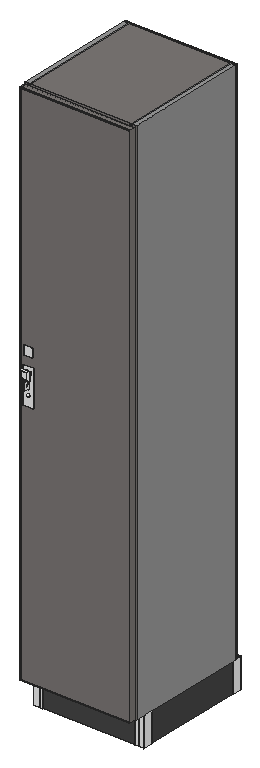
Revit family "Wood_Lockers_Hasps-Salsbury_Industries-15_41000_Series-1_Wide_Units", category Specialty Equipment, Revit 2026 (continued)
Definition of nested family "Premier Locker Doors_Hasp"
  Forms (in)
    Extrusion 1, solid, detail levels fine
      sketch origin (0, 0, 0) x (1, 0, 0) y (0, 0, 1)
        loop
          line (-7.4065, 0.031) -> (7.4065, 0.031) -> (7.4065, 71.719) -> (-7.4065, 71.719) -> (-7.4065, 0.031)
      from -0.344 to 0.344
    Extrusion 2, solid, material <- "Laminate Surface", detail levels fine
      sketch origin (0, 0.375, 0) x (1, 0, 0) y (0, 0, 1)
        loop
          line (-7.4065, 0.031) -> (7.4065, 0.031) -> (7.4065, 71.719) -> (-7.4065, 71.719) -> (-7.4065, 0.031)
      from 0.031 to 0
    Extrusion 3, solid, material <- "Laminate Surface"
      sketch origin (0, -0.375, 0) x (1, 0, 0) y (0, 0, 1)
        loop
          line (-7.4065, 0.031) -> (7.4065, 0.031) -> (7.4065, 71.719) -> (-7.4065, 71.719) -> (-7.4065, 0.031)
      from 0 to -0.031
    Sweep 4, solid, material <- "Door Trim"
      path origin (0, 0, 0) x (1, 0, 0) y (0, 0, 1)
        loop
          line (7.3125, 71.625) -> (-7.3125, 71.625) -> (-7.3125, 0.125) -> (7.3125, 0.125) -> (7.3125, 71.625)
      profile origin (0, 0, 71.625) x (0, 0, -1) y (0, -1, 0)
        loop
          line (-0.125, 0.375) -> (-0.125, -0.375) -> (-0.094, -0.375) -> (-0.094, 0.375) -> (-0.125, 0.375)
    Extrusion 5, void
      sketch origin (-1.875, -0.313, 0) x (1, 0, 0) y (0, 0, 1)
        loop
          arc (-4.91334, 40.75) -> (-5.01881, 40.70631) -> (-5.0625, 40.60084) r 0.14916
          line (-5.0625, 40.60084) -> (-5.0625, 39.64916)
          arc (-5.0625, 39.64916) -> (-5.01881, 39.54369) -> (-4.91334, 39.5) r 0.14916
          line (-4.91334, 39.5) -> (-3.96166, 39.5)
          arc (-3.96166, 39.5) -> (-3.85619, 39.54369) -> (-3.8125, 39.64916) r 0.14916
          line (-3.8125, 39.64916) -> (-3.8125, 40.60084)
          arc (-3.8125, 40.60084) -> (-3.85619, 40.70631) -> (-3.96166, 40.75) r 0.14916
          line (-3.96166, 40.75) -> (-4.91334, 40.75)
      from 0 to 0.062
    Extrusion 6, solid, visible <- "Visible Number Plates", detail levels medium+fine
      sketch origin (-1.875, -0.375, 0) x (1, 0, 0) y (0, 0, 1)
        loop
          arc (-4.91334, 40.75) -> (-5.01881, 40.70631) -> (-5.0625, 40.60084) r 0.14916
          line (-5.0625, 40.60084) -> (-5.0625, 39.64916)
          arc (-5.0625, 39.64916) -> (-5.01881, 39.54369) -> (-4.91334, 39.5) r 0.14916
          line (-4.91334, 39.5) -> (-3.96166, 39.5)
          arc (-3.96166, 39.5) -> (-3.85619, 39.54369) -> (-3.8125, 39.64916) r 0.14916
          line (-3.8125, 39.64916) -> (-3.8125, 40.60084)
          arc (-3.8125, 40.60084) -> (-3.85619, 40.70631) -> (-3.96166, 40.75) r 0.14916
          line (-3.96166, 40.75) -> (-4.91334, 40.75)
      from -0.062 to 0
    Extrusion 7, solid, detail levels medium+fine
      sketch origin (0, 0.375, 0) x (1, 0, 0) y (0, 0, 1)
        loop
          circle (-6.9875, 71.3) r 0.25
      from 0 to -0.25
    Extrusion 8, solid, detail levels medium+fine
      sketch origin (0, 0.375, 0) x (1, 0, 0) y (0, 0, 1)
        loop
          line (6.8125, 68.5) -> (6.8125, 69) -> (6.3125, 69) -> (6.3125, 68.5) -> (6.8125, 68.5)
      from 0 to -0.25
    Extrusion 9, solid, detail levels medium+fine
      sketch origin (0, 0.375, -0.25) x (1, 0, 0) y (0, 0, 1)
        loop
          line (6.8125, 3) -> (6.8125, 3.5) -> (6.3125, 3.5) -> (6.3125, 3) -> (6.8125, 3)
      from 0 to -0.25
    Extrusion 10, solid, visible <- "Visible Center Hinge", detail levels medium+fine
      sketch origin (0, 0.375, -0.25) x (1, 0, 0) y (0, 0, 1)
        loop
          line (6.8125, 35.875) -> (6.8125, 36.375) -> (6.3125, 36.375) -> (6.3125, 35.875) -> (6.8125, 35.875)
      from 0 to -0.25
    Extrusion 11, void
      sketch origin (-1.875, -0.375, 0) x (1, 0, 0) y (0, 0, 1)
        loop
          arc (-5.0625, 38.3125) -> (-5.15089, 38.27589) -> (-5.1875, 38.1875) r 0.125
          line (-5.1875, 38.1875) -> (-5.1875, 33.5625)
          arc (-5.1875, 33.5625) -> (-5.15089, 33.47411) -> (-5.0625, 33.4375) r 0.125
          line (-5.0625, 33.4375) -> (-3.8125, 33.4375)
          arc (-3.8125, 33.4375) -> (-3.72411, 33.47411) -> (-3.6875, 33.5625) r 0.125
          line (-3.6875, 33.5625) -> (-3.6875, 38.1875)
          arc (-3.6875, 38.1875) -> (-3.72411, 38.27589) -> (-3.8125, 38.3125) r 0.125
          line (-3.8125, 38.3125) -> (-5.0625, 38.3125)
      from -0.062 to 0
    Extrusion 12, solid
      sketch origin (-1.875, -0.375, 0) x (1, 0, 0) y (0, 0, 1)
        loop
          line (-3.8125, 38.3125) -> (-5.0625, 38.3125)
          arc (-5.0625, 38.3125) -> (-5.15089, 38.27589) -> (-5.1875, 38.1875) r 0.125
          line (-5.1875, 38.1875) -> (-5.1875, 33.5625)
          arc (-5.1875, 33.5625) -> (-5.15089, 33.47411) -> (-5.0625, 33.4375) r 0.125
          line (-5.0625, 33.4375) -> (-3.8125, 33.4375)
          arc (-3.8125, 33.4375) -> (-3.72411, 33.47411) -> (-3.6875, 33.5625) r 0.125
          line (-3.6875, 33.5625) -> (-3.6875, 38.1875)
          arc (-3.6875, 38.1875) -> (-3.72411, 38.27589) -> (-3.8125, 38.3125) r 0.125
      from 0 to -0.062
    Extrusion 13, void
      sketch origin (-1.875, -0.375, 0) x (1, 0, 0) y (0, 0, 1)
        loop
          line (-4.6255, 36.6245) -> (-4.6255, 35.74816)
          arc (-4.6255, 35.74816) -> (-4.4375, 35.56016) -> (-4.2495, 35.74816) r 0.188
          line (-4.2495, 35.74816) -> (-4.2495, 36.6245)
          arc (-4.2495, 36.6245) -> (-4.4375, 36.8125) -> (-4.6255, 36.6245) r 0.188
      from 0 to -0.75
    Sweep 14, solid, detail levels medium+fine
      path origin (-1.875, -0.375, 0) x (1, 0, 0) y (0, 0, 1)
        loop
          circle (-4.4375, 34.8125) r 0.01
      profile origin (-6.3125, -0.375, 34.8225) x (0, 0, -1) y (0, -1, 0)
        loop
          line (0, 0) -> (0, 0.125)
          arc (0, 0.125) -> (-0.10032, 0.09036) -> (-0.156, 0) r 0.15776
          line (-0.156, 0) -> (0, 0)
    Extrusion 15, solid, detail levels medium+fine
      sketch origin (-1.875, -0.375, 0) x (1, 0, 0) y (0, 0, 1)
        loop
          circle (-4.4375, 34.8125) r 0.01
      from 0 to 0.125
    Sweep 16, solid
      path origin (-1.875, -0.375, 0) x (1, 0, 0) y (0, 0, 1)
        loop
          line (-5.0625, 38.1875) -> (-5.0625, 36.9375) -> (-3.8125, 36.9375) -> (-3.8125, 38.1875) -> (-5.0625, 38.1875)
      profile origin (-6.3125, -0.375, 38.1875) x (0, 0, 1) y (0, -1, 0)
        loop
          line (-0.38067, 0) -> (-0.38067, 0.24142)
          arc (-0.38067, 0.24142) -> (-0.34525, 0.34191) -> (-0.25465, 0.39797) r 0.16024
          arc (-0.25465, 0.39797) -> (-0.10494, 0.46941) -> (0, 0.59789) r 0.37946
          spline (0, 0.59789) -> (-0.00179, 0.61485) -> (-0.00715, 0.6316) -> (-0.01601, 0.64793) -> (-0.02825, 0.66364) -> (-0.04373, 0.67852) -> (-0.06225, 0.6924) -> (-0.08358, 0.7051) -> (-0.10745, 0.71647) -> (-0.13357, 0.72635) -> (-0.16161, 0.73463) -> (-0.19123, 0.74121) -> (-0.22204, 0.746)
          arc (-0.22204, 0.746) -> (-0.31051, 0.60028) -> (-0.42829, 0.47704) r 0.78682
          arc (-0.42829, 0.47704) -> (-0.50625, 0.37521) -> (-0.53396, 0.25) r 0.29673
          line (-0.53396, 0.25) -> (-0.53396, 0) -> (-0.38067, 0)
    Blend 17, solid
      base sketch origin (-1.875, -1.125, 0) x (0, 0, -1) y (-1, 0, 0)
        loop
          line (-37.96546, 4.84046) -> (-37.96546, 4.03454) -> (-37.15954, 4.03454) -> (-37.15954, 4.84046) -> (-37.96546, 4.84046)
      top sketch origin (-1.875, -1.125, 0) x (0, 0, -1) y (-1, 0, 0)
        loop
          line (-37.93279, 4.80777) -> (-37.93279, 4.06715) -> (-37.19211, 4.06715) -> (-37.19211, 4.80777) -> (-37.93279, 4.80777)
      from 0 to 0.031
    Extrusion 18, solid
      sketch origin (-6.3125, 0, 0) x (0, 0, -1) y (0, -1, 0)
        loop
          line (-35.6844, 1) -> (-36.6844, 1) -> (-36.6844, -0.375) -> (-35.6844, -0.375) -> (-35.6844, 1)
      from -0.063 to 0.063
    Extrusion 19, void
      sketch origin (-6.3125, 35.51803, 36.85077) x (0, 1, 0) y (0, 0, -1)
        loop
          circle (-36.1844, 0.66637) r 0.25
      from -0.063 to 0.063
  Cuts and joins
    Extrusion 5, Extrusion 13 cuts Extrusion 1
    Extrusion 5, Extrusion 11 cuts Extrusion 3
    Extrusion 13 cuts Extrusion 12
    Extrusion 13 cuts Extrusion 2
    Extrusion 19 cuts Extrusion 18
  Lines and regions (in)
    symbolic lines
      curve 1: line (-7.4375, 0.375, 0) -> (7.4375, 0.375, 0)
      curve 2: line (7.4375, 0.375, 0) -> (7.4375, 0.375, 71.75)
      curve 3: line (7.4375, 0.375, 71.75) -> (-7.4375, 0.375, 71.75)
      curve 4: line (-7.4375, 0.375, 71.75) -> (-7.4375, 0.375, 0)
      curve 5: line (-7.4375, 0.375, 71.625) -> (7.4375, 0.375, 71.625)
      curve 6: line (-7.4375, -0.375, 71.625) -> (-7.4375, 0.375, 71.625)
      curve 7: line (7.4375, -0.375, 71.625) -> (-7.4375, -0.375, 71.625)
      curve 8: line (7.4375, 0.375, 71.625) -> (7.4375, -0.375, 71.625)
      curve 9: line (6.8125, 0.375, 71.625) -> (6.8125, 0.625, 71.625)
      curve 10: line (6.8125, 0.625, 71.625) -> (6.3125, 0.625, 71.625)
      curve 11: line (6.3125, 0.625, 71.625) -> (6.3125, 0.375, 71.625)
      curve 12: line (-7.23713, 0.375, 71.625) -> (-7.23713, 0.625, 71.625)
      curve 13: line (-6.7375, 0.375, 71.625) -> (-6.7375, 0.625, 71.625)
      curve 14: line (-6.7375, 0.625, 71.625) -> (-7.23713, 0.625, 71.625)
      curve 15: line (-6.3125, -0.375, 71.75) -> (-6.3125, 0.375, 71.75)
      curve 16: line (-6.3125, -0.375, 0) -> (-6.3125, -0.375, 71.75)
      curve 17: line (-6.3125, 0.375, 0) -> (-6.3125, -0.375, 0)
      curve 18: line (-6.3125, 0.375, 71.75) -> (-6.3125, 0.375, 0)
      curve 19: line (-6.3125, 0.375, 69) -> (-6.3125, 0.625, 69)
      curve 20: line (-6.3125, 0.625, 69) -> (-6.3125, 0.625, 68.5)
      curve 21: line (-6.3125, 0.625, 68.5) -> (-6.3125, 0.375, 68.5)
      curve 22: line (-6.3125, 0.375, 3.25) -> (-6.3125, 0.625, 3.25)
      curve 23: line (-6.3125, 0.625, 3.25) -> (-6.3125, 0.625, 2.75)
      curve 24: line (-6.3125, 0.625, 2.75) -> (-6.3125, 0.375, 2.75)
      curve 25: line (-6.3125, 0.375, 36.125) -> (-6.3125, 0.625, 36.125)
      curve 26: line (-6.3125, 0.625, 36.125) -> (-6.3125, 0.625, 35.625)
      curve 27: line (-6.3125, 0.625, 35.625) -> (-6.3125, 0.375, 35.625)
      curve 28: line (-7.0625, -0.375, 71.625) -> (-5.5625, -0.375, 71.625)
      curve 29: line (-6.9375, -1.125, 38.3125) -> (-5.6875, -1.125, 38.3125)
      curve 30: arc (-5.5625, -1.125, 38.1875) -> (-5.59911, -1.125, 38.27589) -> (-5.6875, -1.125, 38.3125) r 0.125
      curve 31: arc (-6.9375, -1.125, 38.3125) -> (-7.02589, -1.125, 38.27589) -> (-7.0625, -1.125, 38.1875) r 0.125
      curve 32: line (-7.0625, -1.125, 33.5625) -> (-7.0625, -1.125, 38.1875)
      curve 33: line (-5.5625, -1.125, 38.1875) -> (-5.5625, -1.125, 33.5625)
      curve 34: arc (-5.6875, -1.125, 33.4375) -> (-5.59911, -1.125, 33.47411) -> (-5.5625, -1.125, 33.5625) r 0.125
      curve 35: arc (-7.0625, -1.125, 33.5625) -> (-7.02589, -1.125, 33.47411) -> (-6.9375, -1.125, 33.4375) r 0.125
      curve 36: line (-5.6875, -1.125, 33.4375) -> (-6.9375, -1.125, 33.4375)
      curve 37: arc (-6.1245, -1.125, 36.6245) -> (-6.3125, -1.125, 36.8125) -> (-6.5005, -1.125, 36.6245) r 0.188
      curve 38: arc (-6.5005, -1.125, 35.7505) -> (-6.3125, -1.125, 35.5625) -> (-6.1245, -1.125, 35.7505) r 0.188
      curve 39: line (-6.1245, -1.125, 36.6245) -> (-6.1245, -1.125, 35.7505)
      curve 40: line (-6.5005, -1.125, 35.7505) -> (-6.5005, -1.125, 36.6245)
      curve 41: line (-5.6875, -1.125, 36.9375) -> (-6.9375, -1.125, 36.9375)
      curve 42: line (-5.6875, -1.125, 38.1875) -> (-5.6875, -1.125, 36.9375)
      curve 43: line (-6.9375, -1.125, 36.9375) -> (-6.9375, -1.125, 38.1875)
      curve 44: line (-6.9375, -1.125, 38.1875) -> (-5.6875, -1.125, 38.1875)
      curve 45: line (-6.3755, -1.125, 36.6844) -> (-6.2495, -1.125, 36.6844)
      curve 46: line (-6.2495, -1.125, 36.6844) -> (-6.2495, -1.125, 35.6844)
      curve 47: line (-6.3755, -1.125, 35.6844) -> (-6.3755, -1.125, 36.6844)
      curve 48: line (-6.2495, -1.125, 35.6844) -> (-6.3755, -1.125, 35.6844)
      curve 49: line (-6.3125, -1, 36.6844) -> (-6.3125, -0.375, 36.6844)
      curve 50: line (-6.3125, -1, 35.6844) -> (-6.3125, -1, 36.6844)
      curve 51: line (-6.3125, -0.375, 35.6844) -> (-6.3125, -1, 35.6844)
      curve 52: arc (-6.3125, -0.91637, 36.1844) -> (-6.3125, -0.66637, 36.4344) -> (-6.3125, -0.41637, 36.1844) r 0.25
      curve 53: arc (-6.3125, -0.41637, 36.1844) -> (-6.3125, -0.66637, 35.9344) -> (-6.3125, -0.91637, 36.1844) r 0.25
      curve 54: line (-6.3125, -0.375, 37.31817) -> (-6.3125, -0.61642, 37.31817)
      curve 55: arc (-6.3125, -0.77297, 37.19215) -> (-6.3125, -0.71691, 37.28275) -> (-6.3125, -0.61642, 37.31817) r 0.16024
      curve 56: arc (-6.3125, -0.97289, 36.9375) -> (-6.3125, -0.84441, 37.04244) -> (-6.3125, -0.77297, 37.19215) r 0.37946
      curve 57: spline (-6.3125, -1.121, 37.15954) -> (-6.3125, -1.11621, 37.12873) -> (-6.3125, -1.10963, 37.09911) -> (-6.3125, -1.10135, 37.07107) -> (-6.3125, -1.09147, 37.04495) -> (-6.3125, -1.0801, 37.02108) -> (-6.3125, -1.0674, 36.99975) -> (-6.3125, -1.05352, 36.98123) -> (-6.3125, -1.03864, 36.96575) -> (-6.3125, -1.02293, 36.95351) -> (-6.3125, -1.0066, 36.94465) -> (-6.3125, -0.98985, 36.93929) -> (-6.3125, -0.97289, 36.9375)
      curve 58: line (-6.3125, -1.125, 37.15954) -> (-6.3125, -1.125, 37.96546)
      curve 59: spline (-6.3125, -1.121, 37.96546) -> (-6.3125, -1.11621, 37.99627) -> (-6.3125, -1.10963, 38.02589) -> (-6.3125, -1.10135, 38.05393) -> (-6.3125, -1.09147, 38.08005) -> (-6.3125, -1.0801, 38.10392) -> (-6.3125, -1.0674, 38.12525) -> (-6.3125, -1.05352, 38.14377) -> (-6.3125, -1.03864, 38.15925) -> (-6.3125, -1.02293, 38.17149) -> (-6.3125, -1.0066, 38.18035) -> (-6.3125, -0.98985, 38.18571) -> (-6.3125, -0.97289, 38.1875)
      curve 60: arc (-6.3125, -0.97289, 38.1875) -> (-6.3125, -0.84441, 38.08256) -> (-6.3125, -0.77297, 37.93285) r 0.37946
      curve 61: arc (-6.3125, -0.77297, 37.93285) -> (-6.3125, -0.71691, 37.84225) -> (-6.3125, -0.61642, 37.80683) r 0.16024
      curve 62: line (-6.3125, -0.61642, 37.80683) -> (-6.3125, -0.375, 37.80683)
      curve 63: line (-6.55683, -0.61642, 71.625) -> (-6.55683, -0.375, 71.625)
      curve 64: arc (-6.68285, -0.77297, 71.625) -> (-6.59225, -0.71691, 71.625) -> (-6.55683, -0.61642, 71.625) r 0.16024
      curve 65: arc (-6.9375, -0.97289, 71.625) -> (-6.83256, -0.84441, 71.625) -> (-6.68285, -0.77297, 71.625) r 0.37946
      curve 66: line (-5.90954, -1.125, 71.625) -> (-6.71546, -1.125, 71.625)
      curve 67: spline (-5.90954, -1.121, 71.625) -> (-5.87873, -1.11621, 71.625) -> (-5.84911, -1.10963, 71.625) -> (-5.82107, -1.10135, 71.625) -> (-5.79495, -1.09147, 71.625) -> (-5.77108, -1.0801, 71.625) -> (-5.74975, -1.0674, 71.625) -> (-5.73123, -1.05352, 71.625) -> (-5.71575, -1.03864, 71.625) -> (-5.70351, -1.02293, 71.625) -> (-5.69465, -1.0066, 71.625) -> (-5.68929, -0.98985, 71.625) -> (-5.6875, -0.97289, 71.625)
      curve 68: arc (-5.6875, -0.97289, 71.625) -> (-5.79244, -0.84441, 71.625) -> (-5.94215, -0.77297, 71.625) r 0.37946
      curve 69: arc (-5.94215, -0.77297, 71.625) -> (-6.03275, -0.71691, 71.625) -> (-6.06817, -0.61642, 71.625) r 0.16024
      curve 70: line (-6.06817, -0.375, 71.625) -> (-6.06817, -0.61642, 71.625)
      curve 71: spline (-6.71546, -1.121, 71.625) -> (-6.74627, -1.11621, 71.625) -> (-6.77589, -1.10963, 71.625) -> (-6.80393, -1.10135, 71.625) -> (-6.83005, -1.09147, 71.625) -> (-6.85392, -1.0801, 71.625) -> (-6.87525, -1.0674, 71.625) -> (-6.89377, -1.05352, 71.625) -> (-6.90925, -1.03864, 71.625) -> (-6.92149, -1.02293, 71.625) -> (-6.93035, -1.0066, 71.625) -> (-6.93571, -0.98985, 71.625) -> (-6.9375, -0.97289, 71.625)
    reference lines
      curve 72: line (-7.4375, 0, 71.75) -> (6.8435, 0, 71.75)
      curve 73: line (6.8435, 0, 71.75) -> (-7.4375, 0, 71.75)
  Dimensions and locks (in)
    equal spacing: plane 4 "Left Side of Door", plane 3 "Center (Left/Right)", plane 5 "Right Side of Door"
    "Width": plane 4 "Left Side of Door" to plane 5 "Right Side of Door"
    equal spacing: plane 7 "Front of Door", plane 1 "Center (Front/Back)", plane 6 "Back of Door"
    "Depth": plane 7 "Front of Door" to plane 6 "Back of Door"
    equal spacing: plane 9 "Top of Door", plane 10 "Center of Door", plane 8 "Bottom of Door"
    "Height": plane 9 "Top of Door" to plane 8 "Bottom of Door"
    equal spacing: plane 11 "Top of Number Tag", plane 16 "Center of Number Tag", plane 12 "Bottom of Number Tag"
    "Number Tag Height": plane 11 "Top of Number Tag" to plane 12 "Bottom of Number Tag"
    equal spacing: plane 14 "Right Side of Number Tag", plane 15 "Horizontal Center of Number Tag", plane 13 "Left Side of Number Tag"
    "Number Tag Width": plane 14 "Right Side of Number Tag" to plane 13 "Left Side of Number Tag"
    "Number Tag-Horizontal Offset": plane 15 "Horizontal Center of Number Tag" to plane 5 "Right Side of Door"
    "Number Tag-Vertical Offset": plane 9 "Top of Door" to plane 16 "Center of Number Tag"
    "Lock Horizontal Offset": plane 4 "Left Side of Door" to plane 17 "Left Side of Lock"
    equal spacing: plane 20 "Top of Lock", plane 19 "Lock Vertical Center", plane 21 "Bottom of Lock"
    "Lock Height": plane 20 "Top of Lock" to plane 21 "Bottom of Lock"
    "Lock Vertical Offset": plane 9 "Top of Door" to plane 19 "Lock Vertical Center"
    plane 22 "Front of Hasp Stud" to plane 7 "Front of Door" = 0.125"
    locked: plane 24 "Right Side of Door-Left Side of Trim" to plane 5 "Right Side of Door" at 0.125
    locked: plane 4 "Left Side of Door" to plane 23 "Left Side of Door-Right Side of Trim" at 0.125
    locked: plane 9 "Top of Door" to plane 25 "Top of Door-Bottom of Trim" at 0.125
    plane 26 "Bottom of Door-Top of Trim" to plane 8 "Bottom of Door" = 0.125"
    plane 28 "Melamine-Particleboard Line" to plane 6 "Back of Door" = 0.031"
    plane 7 "Front of Door" to plane 27 "Laminate-Particleboard Line" = 0.031"
    plane 27 "Laminate-Particleboard Line" to plane 29 "Back of Number Plate Inset" = 0.031"
    equal spacing: plane 18 "Right Side of Lock", plane 30 "Center of Lock", plane 17 "Left Side of Lock", locked at 0.75 each
    "Lock Width": plane 18 "Right Side of Lock" to plane 17 "Left Side of Lock"
    plane 22 "Front of Hasp Stud" to plane 31 = 0.312"
    plane 6 "Back of Door" to plane 32 "Door Stopper Plane" = 0.250"
    locked: plane 23 "Left Side of Door-Right Side of Trim" to plane 33 at 0.325
    locked: plane 25 "Top of Door-Bottom of Trim" to plane 34 at 0.325
    locked: plane 9 "Top of Door" to plane 35 "Top Hinge" at 3
    plane 36 to plane 5 "Right Side of Door" = 0.625"
    plane 6 "Back of Door" to plane 28 "Melamine-Particleboard Line" = 0.031"
    plane 9 "Top of Door" to plane 25 "Top of Door-Bottom of Trim" = 0.125"
    plane 7 "Front of Door" to plane 38 "Inner Knob" = 0.719"
    locked: plane 38 "Inner Knob" to plane 39 "Front of Knob" at 0.031
    locked: plane 40 to plane 20 "Top of Lock" at 1.125
    locked: plane 21 "Bottom of Lock" to plane 41 at 1.125
    locked: plane 20 "Top of Lock" to plane 42 at 0.125
    locked: plane 18 "Right Side of Lock" to plane 43 at 0.125
    locked: plane 44 to plane 17 "Left Side of Lock" at 0.125
    plane 42 to plane 45 = 1.250"
    locked: plane 45 to plane 46 "Top of Hole" at 0.125
    plane 48 to plane 30 "Center of Lock" to plane 47 = 0.188" locked, 0.188" locked
    locked: plane 46 "Top of Hole" to plane 49 "Bottom of Hole" at 1.25
    plane 49 "Bottom of Hole" to plane 50 "Stud Alignment" = 0.750"
    locked: plane 42 to plane 51 "Center of Handle" at 0.625
    plane 52 to plane 51 "Center of Handle" to plane 53 = 0.188" locked, 0.188" locked
    plane 7 "Front of Door" to plane 39 "Front of Knob" = 0.750"
    locked: plane 42 to plane 54 at 0.22204
    locked: plane 55 to plane 45 at 0.22204
    locked: plane 7 "Front of Door" to plane 56 "Front of Latch" at 0.625
    locked: plane 57 to plane 58 at 1
    locked: plane 46 "Top of Hole" to plane 57 at 0.1281
    equal spacing: plane 58, plane 59, plane 57
    locked: plane 60 to plane 5 "Right Side of Door" at 0.594
    locked: plane 57 to plane 61 at 0.0599
    locked: plane 62 to plane 58 at 0.06376
    plane 12 "Bottom of Number Tag" to plane 20 "Top of Lock" = 1.1875"
    aligned and locked: level to plane 2
    aligned and locked: Extrusion 5 to plane 11 "Top of Number Tag"
    aligned and locked: plane 12 "Bottom of Number Tag" to Extrusion 5
    aligned and locked: Extrusion 5 to plane 14 "Right Side of Number Tag"
    aligned and locked: Extrusion 5 to plane 13 "Left Side of Number Tag"
    aligned and locked: plane 29 "Back of Number Plate Inset" to Extrusion 5
    aligned and locked: plane 7 "Front of Door" to Extrusion 5
    aligned and locked: plane 29 "Back of Number Plate Inset" to Extrusion 6
    aligned and locked: plane 7 "Front of Door" to Extrusion 6
    aligned and locked: Extrusion 6 to plane 14 "Right Side of Number Tag"
    aligned and locked: Extrusion 6 to plane 13 "Left Side of Number Tag"
    aligned and locked: Extrusion 6 to plane 11 "Top of Number Tag"
    aligned and locked: plane 12 "Bottom of Number Tag" to Extrusion 6
    aligned and locked: curve 9 to Extrusion 8
    aligned and locked: curve 10 to Extrusion 8
    aligned and locked: curve 11 to Extrusion 8
    aligned and locked: Extrusion 7 to curve 12
    aligned and locked: curve 14 to Extrusion 7
    aligned and locked: curve 16 to plane 7 "Front of Door"
    aligned and locked: curve 19 to Extrusion 8  (x2)
    aligned and locked: curve 21 to Extrusion 8
    aligned and locked: curve 18 to curve 22
    aligned and locked: curve 22 to Extrusion 9  (x2)
    aligned and locked: curve 24 to Extrusion 9
    aligned and locked: curve 25 to Extrusion 10
    aligned and locked: curve 26 to Extrusion 10
    aligned and locked: curve 27 to Extrusion 10
    aligned and locked: plane 20 "Top of Lock" to Extrusion 11 sketch curve
    aligned and locked: Extrusion 11 sketch curve to plane 21 "Bottom of Lock"
    aligned and locked: Extrusion 11 to plane 29 "Back of Number Plate Inset"
    aligned and locked: plane 7 "Front of Door" to Extrusion 11
    aligned and locked: Extrusion 3 to Extrusion 11
    aligned and locked: Sweep 14 to plane 50 "Stud Alignment"  (x2)
    aligned and locked: Extrusion 15 to plane 7 "Front of Door"
    aligned and locked: Extrusion 15 to plane 22 "Front of Hasp Stud"
    aligned and locked: Extrusion 15 to plane 50 "Stud Alignment"
    aligned and locked: Blend 17 to plane 39 "Front of Knob"
    aligned and locked: plane 38 "Inner Knob" to Blend 17
    aligned and locked: plane 6 "Back of Door" to Extrusion 18 sketch curve
    aligned and locked: plane 56 "Front of Latch" to Extrusion 18 sketch curve
    aligned and locked: Extrusion 18 to plane 57
    aligned and locked: plane 58 to Extrusion 18
    aligned and locked: plane 59 to cut or joined group of Extrusion 18, Extrusion 19
    aligned and locked: Extrusion 13 sketch curve to plane 61  (x2)
    aligned and locked: Extrusion 13 sketch curve to plane 62  (x2)
  Automatic sketch dimensions
    Extrusion 1 sketch curve to plane 4 "Left Side of Door" = 0.031"
    plane 5 "Right Side of Door" to Extrusion 1 sketch curve = 0.031"
    level to Extrusion 1 sketch curve = 0.031"
    plane 9 "Top of Door" to Extrusion 1 sketch curve = 0.031"
    Extrusion 2 sketch curve to plane 4 "Left Side of Door" = 0.031"
    plane 5 "Right Side of Door" to Extrusion 2 sketch curve = 0.031"
    level to Extrusion 2 sketch curve = 0.031"
    plane 9 "Top of Door" to Extrusion 2 sketch curve = 0.031"
    Extrusion 3 sketch curve to plane 4 "Left Side of Door" = 0.031"
    plane 5 "Right Side of Door" to Extrusion 3 sketch curve = 0.031"
    level to Extrusion 3 sketch curve = 0.031"
    plane 9 "Top of Door" to Extrusion 3 sketch curve = 0.031"
    plane 23 "Left Side of Door-Right Side of Trim" to Sweep 4 sketch curve = 0.000"
    plane 24 "Right Side of Door-Left Side of Trim" to Sweep 4 sketch curve = 0.000"  (x2)
    Sweep 4 sketch curve to plane 26 "Bottom of Door-Top of Trim" = 0.000"
    Sweep 4 sketch curve to plane 25 "Top of Door-Bottom of Trim" = 0.000"
    profile plane to Sweep 4 sketch curve = 0.125"
    Sweep 4 sketch curve to Sweep 4 sketch curve = 0.031"
    Sweep 4 sketch curve to plane 1 "Center (Front/Back)" = 0.375"
    plane 1 "Center (Front/Back)" to Sweep 4 sketch curve = 0.375"
    Extrusion 7 sketch curve to plane 33 = 0.000"
    Extrusion 7 sketch curve to plane 34 = 0.000"
    plane 36 to Extrusion 8 sketch curve = 0.000"
    Extrusion 8 sketch curve to Extrusion 8 sketch curve = 0.500"
    plane 35 "Top Hinge" to Extrusion 8 sketch curve = 0.250"
    Extrusion 8 sketch curve to plane 35 "Top Hinge" = 0.250"
    plane 36 to Extrusion 9 sketch curve = 0.000"
    Extrusion 9 sketch curve to Extrusion 9 sketch curve = 0.500"
    plane 37 "Bottom Hinge" to Extrusion 9 sketch curve = 0.250"
    Extrusion 9 sketch curve to plane 37 "Bottom Hinge" = 0.250"
    plane 36 to Extrusion 10 sketch curve = 0.000"
    Extrusion 10 sketch curve to Extrusion 10 sketch curve = 0.500"
    curve 4 to level = 0.000"
    plane 4 "Left Side of Door" to curve 4 = 0.000"
    plane 5 "Right Side of Door" to curve 3 = 0.000"
    curve 3 to plane 9 "Top of Door" = 0.000"
    Extrusion 5 sketch curve to plane 13 "Left Side of Number Tag" = 0.000"
    Extrusion 5 sketch curve to plane 12 "Bottom of Number Tag" = 0.000"
    Extrusion 5 sketch curve to plane 11 "Top of Number Tag" = 0.000"
    Extrusion 5 sketch curve to plane 14 "Right Side of Number Tag" = 0.000"
    Extrusion 6 sketch curve to plane 13 "Left Side of Number Tag" = 0.000"
    Extrusion 6 sketch curve to plane 12 "Bottom of Number Tag" = 0.000"
    Extrusion 6 sketch curve to plane 11 "Top of Number Tag" = 0.000"
    Extrusion 6 sketch curve to plane 14 "Right Side of Number Tag" = 0.000"
    Extrusion 11 sketch curve to plane 13 "Left Side of Number Tag" = 0.125"
    Extrusion 10 sketch curve to plane 10 "Center of Door" = 0.250"
    plane 10 "Center of Door" to Extrusion 10 sketch curve = 0.250"
    Extrusion 11 sketch curve to plane 21 "Bottom of Lock" = 0.125"
    plane 13 "Left Side of Number Tag" to Extrusion 5 sketch curve = 0.14916"
    Extrusion 5 sketch curve to Extrusion 5 sketch curve = 0.14916"  (x2)
    plane 13 "Left Side of Number Tag" to Extrusion 6 sketch curve = 0.14916"
    Extrusion 6 sketch curve to plane 12 "Bottom of Number Tag" = 0.14916"
    plane 13 "Left Side of Number Tag" to Extrusion 11 sketch curve = 0.000"  (x2)
    Extrusion 5 sketch curve to plane 12 "Bottom of Number Tag" = 0.14916"
    Extrusion 6 sketch curve to plane 14 "Right Side of Number Tag" = 0.14916"  (x2)
    plane 14 "Right Side of Number Tag" to Extrusion 11 sketch curve = 0.000"  (x2)
    Extrusion 12 sketch curve to plane 17 "Left Side of Lock" = 0.000"
    plane 13 "Left Side of Number Tag" to Extrusion 12 sketch curve = 0.000"  (x2)
    plane 14 "Right Side of Number Tag" to Extrusion 12 sketch curve = 0.000"  (x2)
    Extrusion 12 sketch curve to plane 20 "Top of Lock" = 0.000"
    Extrusion 12 sketch curve to plane 18 "Right Side of Lock" = 0.000"
    Extrusion 12 sketch curve to plane 21 "Bottom of Lock" = 0.125"
    plane 15 "Horizontal Center of Number Tag" to Sweep 14 sketch curve = 0.000"
    Sweep 14 sketch curve to plane 50 "Stud Alignment" = 0.000"
    Sweep 14 sketch curve to plane 7 "Front of Door" = 0.000"
    Sweep 14 sketch curve to profile plane = 0.000"
    profile plane to Sweep 14 sketch curve = 0.00168"
    profile plane to Sweep 14 sketch curve = 0.156"
    Sweep 14 sketch curve to plane 7 "Front of Door" = 0.03275"
    Extrusion 15 sketch curve to Extrusion 15 sketch curve = 0.000"  (x2)
    Extrusion 15 sketch curve to plane 50 "Stud Alignment" = 0.000"
    plane 15 "Horizontal Center of Number Tag" to Extrusion 15 sketch curve = 0.000"
    plane 15 "Horizontal Center of Number Tag" to Extrusion 15 sketch curve = 0.010"
    plane 13 "Left Side of Number Tag" to Sweep 16 sketch curve = 0.000"
    plane 14 "Right Side of Number Tag" to Sweep 16 sketch curve = 0.000"
    Sweep 16 sketch curve to plane 45 = 0.000"
    Sweep 16 sketch curve to plane 42 = 0.000"
    Sweep 16 sketch curve to plane 7 "Front of Door" = 0.000"
    profile plane to Sweep 16 sketch curve = 0.000"
    profile plane to Sweep 16 sketch curve = 0.22043"
    Sweep 16 sketch curve to Sweep 16 sketch curve = 0.01681"
    profile plane to Sweep 16 sketch curve = 0.33926"
    Sweep 16 sketch curve to Sweep 16 sketch curve = 0.14344"
    Sweep 16 sketch curve to Sweep 16 sketch curve = 0.15329"
    Sweep 16 sketch curve to Sweep 16 sketch curve = 0.59563"
    Sweep 16 sketch curve to Sweep 16 sketch curve = 0.24142"
    Sweep 16 sketch curve to Sweep 16 sketch curve = 0.00858"
    Sweep 16 sketch curve to Sweep 16 sketch curve = 0.51788"
    Sweep 16 sketch curve to Sweep 16 sketch curve = 0.31119"
    Sweep 16 sketch curve to Sweep 16 sketch curve = 0.11721"
    Sweep 16 sketch curve to Sweep 16 sketch curve = 0.01742"
    Sweep 16 sketch curve to Sweep 16 sketch curve = 0.06553"
    Sweep 16 sketch curve to Sweep 16 sketch curve = 0.000"
    Blend 17 sketch curve to plane 54 = 0.000"
    Blend 17 sketch curve to plane 55 = 0.000"
    Blend 17 sketch curve to plane 47 = 0.21496"
    plane 48 to Blend 17 sketch curve = 0.21496"
    plane 54 to Blend 17 sketch curve = 0.03267"
    Blend 17 sketch curve to plane 40 = 0.00461"
    Blend 17 sketch curve to plane 47 = 0.18235"
    plane 48 to Blend 17 sketch curve = 0.18227"
    Extrusion 18 sketch curve to plane 57 = 0.000"
    Extrusion 18 sketch curve to plane 58 = 0.000"
    plane 59 to Extrusion 19 sketch curve = 0.000"
    Extrusion 19 sketch curve to plane 22 "Front of Hasp Stud" = 0.16637"
    curve 29 to plane 14 "Right Side of Number Tag" = 0.000"
    curve 29 to plane 20 "Top of Lock" = 0.000"
    curve 30 to plane 18 "Right Side of Lock" = 0.000"
    curve 29 to plane 13 "Left Side of Number Tag" = 0.000"
    curve 31 to plane 42 = 0.000"
    curve 32 to plane 21 "Bottom of Lock" = 0.125"
    curve 34 to plane 14 "Right Side of Number Tag" = 0.000"
    curve 35 to plane 13 "Left Side of Number Tag" = 0.000"
    plane 15 "Horizontal Center of Number Tag" to curve 37 = 0.000"
    plane 47 to curve 37 = 0.000"
    plane 57 to curve 37 = 0.0599"
    curve 39 to plane 58 = 0.0661"
    curve 42 to plane 14 "Right Side of Number Tag" = 0.000"
    curve 41 to plane 13 "Left Side of Number Tag" = 0.000"
    curve 41 to plane 45 = 0.000"
    curve 43 to plane 42 = 0.000"
    curve 46 to plane 57 = 0.000"
    curve 46 to plane 15 "Horizontal Center of Number Tag" = 0.063"
    plane 15 "Horizontal Center of Number Tag" to curve 45 = 0.063"
    curve 47 to plane 58 = 0.000"
    curve 15 to plane 6 "Back of Door" = 0.000"
    plane 9 "Top of Door" to curve 15 = 0.000"
    plane 57 to curve 49 = 0.000"
    curve 51 to plane 56 "Front of Latch" = 0.000"
    plane 58 to curve 51 = 0.000"
    curve 17 to level = 0.000"
    plane 59 to curve 52 = 0.000"
    curve 53 to plane 22 "Front of Hasp Stud" = 0.16637"
    plane 7 "Front of Door" to curve 53 = 0.04137"
    plane 53 to curve 54 = 0.05633"
    curve 54 to plane 22 "Front of Hasp Stud" = 0.11642"
    plane 55 to curve 55 = 0.00161"
    curve 55 to plane 40 = 0.00465"
    plane 45 to curve 56 = 0.000"
    curve 56 to plane 39 "Front of Knob" = 0.01788"
    curve 56 to plane 40 = 0.08926"
    plane 55 to curve 57 = 0.000"
    curve 57 to plane 40 = 0.03757"
    plane 39 "Front of Knob" to curve 57 = 0.004"
    plane 42 to curve 60 = 0.000"
    curve 58 to plane 39 "Front of Knob" = 0.000"
    plane 54 to curve 58 = 0.000"
    plane 54 to curve 59 = 0.000"
    plane 55 to curve 58 = 0.000"
    curve 60 to plane 39 "Front of Knob" = 0.01788"
    curve 60 to plane 52 = 0.09774"
    plane 54 to curve 60 = 0.03261"
    plane 56 "Front of Latch" to curve 59 = 0.02711"
    plane 54 to curve 59 = 0.06553"
    plane 39 "Front of Knob" to curve 59 = 0.004"
    curve 61 to plane 54 = 0.00161"
    curve 61 to plane 22 "Front of Hasp Stud" = 0.11642"
    plane 6 "Back of Door" to curve 9 = 0.000"
    curve 6 to plane 4 "Left Side of Door" = 0.000"
    plane 7 "Front of Door" to curve 6 = 0.000"
    plane 7 "Front of Door" to curve 28 = 0.000"
    curve 67 to plane 14 "Right Side of Number Tag" = 0.000"
    curve 65 to plane 13 "Left Side of Number Tag" = 0.000"
    curve 66 to plane 39 "Front of Knob" = 0.000"
    curve 28 to plane 17 "Left Side of Lock" = 0.000"
    curve 28 to plane 18 "Right Side of Lock" = 0.000"
    curve 8 to plane 5 "Right Side of Door" = 0.000"
    curve 64 to plane 22 "Front of Hasp Stud" = 0.11642"
    curve 69 to plane 22 "Front of Hasp Stud" = 0.11642"
    curve 68 to plane 39 "Front of Knob" = 0.01788"
    curve 65 to plane 39 "Front of Knob" = 0.01788"
    curve 14 to plane 23 "Left Side of Door-Right Side of Trim" = 0.07537"
    plane 48 to curve 64 = 0.21657"
    plane 48 to curve 65 = 0.09774"
    plane 48 to curve 63 = 0.05633"
    curve 70 to plane 47 = 0.05633"
    curve 68 to plane 47 = 0.09774"
    curve 69 to curve 69 = 0.16024"
    curve 64 to curve 65 = 0.15655"
    curve 69 to curve 68 = 0.15655"
    plane 39 "Front of Knob" to curve 67 = 0.004"
    plane 33 to curve 14 = 0.250"
    curve 66 to curve 65 = 0.11721"
    curve 67 to plane 47 = 0.14943"
    curve 68 to curve 66 = 0.11721"
    curve 67 to curve 66 = 0.000"
    plane 39 "Front of Knob" to curve 71 = 0.004"
    curve 71 to curve 66 = 0.000"
    plane 48 to curve 71 = 0.14943"
    plane 1 "Center (Front/Back)" to curve 73 = 0.000"
    curve 73 to plane 4 "Left Side of Door" = 0.000"
    curve 73 to plane 60 = 0.000"
    plane 48 to Extrusion 13 sketch curve = 0.000"
    plane 15 "Horizontal Center of Number Tag" to Extrusion 13 sketch curve = 0.000"
    radius of Extrusion 7 sketch curve = 0.250"
    radius of Sweep 14 sketch curve = 0.010"
    radius of Extrusion 19 sketch curve = 0.250"
Definition of nested family "Wood Locker Flat Corner Fillers"
  Parameters (values of type "44437 - for 15" D Lockers")
    Width = 16.875"
    Visible = yes
    Version = "1.0 (12/15/23)"
    Type Comments = "Flat Top Corner Filler for Premier Wood Lockers"
    Model = "44437"
    Manufacturer = "Salsbury Industries"
    Laminate Surface = none
    Height = 0.750"
    Description = "For 15\" D Lockers"
    Depth = 16.875"
    Default Elevation = 0.000"
  Types (6): name | Width | Visible | Version | Type Comments | Model | Manufacturer | Description | Depth
    (no name) | 16.875" | yes | "1.0 (12/15/23)" | "Flat Top Corner Filler for Premier Wood Lockers" | "44437" | "Salsbury Industries" | "For 15\" D Lockers" | 16.875"
    44437 - for 15" D Lockers | 16.875" | yes | "1.0 (12/15/23)" | "Flat Top Corner Filler for Premier Wood Lockers" | "44437" | "Salsbury Industries" | "For 15\" D Lockers" | 16.875"
    None | 15.000" | no | "" | "" | "" | "" | "" | 13.250"
    44438 - for 18" D Lockers | 19.875" | yes | "1.0 (12/15/23)" | "Flat Top Corner Filler for Premier Wood Lockers" | "44438" | "Salsbury Industries" | "For 18\" D Lockers" | 19.875"
    44431 - for 21" D Lockers | 22.875" | yes | "1.0 (12/15/23)" | "Flat Top Corner Filler for Premier Wood Lockers" | "44431" | "Salsbury Industries" | "For 21\" D Lockers" | 22.875"
    44439 - for 24" D Lockers | 25.875" | yes | "1.0 (12/15/23)" | "Flat Top Corner Filler for Premier Wood Lockers" | "44439" | "Salsbury Industries" | "For 24\" D Lockers" | 25.875"
  Reference planes (in)
    plane 1 "Center (Front/Back)": y = 0
    plane 2: z = 0
    plane 3 "Center (Left/Right)": x = 0
    plane 4 "Right Side": x = 8.4375
    plane 5 "Left Side": x = -8.4375
    plane 6 "Front Side": y = -8.4375
    plane 7 "Back Side": y = 8.4375
    plane 8 "Bottom": z = 0
    plane 9 "Top Side": z = 0.75
    plane 10 "Wood - Laminate Line": z = 0.719
    plane 11: x = -5.4375
    plane 12: y = -5.4375
  Forms (in)
    Extrusion 1, solid, visible <- "Visible"
      sketch origin (0, 0, 0) x (0, -1, 0) y (1, 0, 0)
        loop
          line (-8.4375, -8.4375) -> (5.4375, -8.4375) -> (5.4375, -5.4375) -> (8.4375, -5.4375) -> (8.4375, 8.4375) -> (-8.4375, 8.4375) -> (-8.4375, -8.4375)
      from 0 to 0.719
    Extrusion 2, solid, material <- "Laminate Surface", visible <- "Visible"
      sketch origin (0, 0, 0.75) x (1, 0, 0) y (0, 1, 0)
        loop
          line (-8.4375, -5.4375) -> (-5.4375, -5.4375) -> (-5.4375, -8.4375) -> (8.4375, -8.4375) -> (8.4375, 8.4375) -> (-8.4375, 8.4375) -> (-8.4375, -5.4375)
      from -0.031 to 0
  Dimensions and locks (in)
    equal spacing: plane 6 "Front Side", plane 1 "Center (Front/Back)", plane 7 "Back Side"
    equal spacing: plane 5 "Left Side", plane 3 "Center (Left/Right)", plane 4 "Right Side"
    "Width": plane 5 "Left Side" to plane 4 "Right Side"
    "Depth": plane 6 "Front Side" to plane 7 "Back Side"
    "Height": plane 9 "Top Side" to plane 8 "Bottom"
    locked: plane 9 "Top Side" to plane 10 "Wood - Laminate Line" at 0.031
    locked: plane 6 "Front Side" to plane 12 at 3
    locked: plane 5 "Left Side" to plane 11 at 3
    plane 12 to plane 7 "Back Side" = 13.875"
    aligned and locked: level to plane 2
  Automatic sketch dimensions
    Extrusion 2 sketch curve to plane 5 "Left Side" = 0.000"
    plane 6 "Front Side" to Extrusion 2 sketch curve = 0.000"
    Extrusion 2 sketch curve to plane 11 = 0.000"
    Extrusion 2 sketch curve to plane 4 "Right Side" = 0.000"
    Extrusion 2 sketch curve to plane 12 = 0.000"
    plane 7 "Back Side" to Extrusion 2 sketch curve = 0.000"
    Extrusion 1 sketch curve to plane 5 "Left Side" = 0.000"
    plane 7 "Back Side" to Extrusion 1 sketch curve = 0.000"
    Extrusion 1 sketch curve to plane 12 = 0.000"
    Extrusion 1 sketch curve to plane 4 "Right Side" = 0.000"
    plane 6 "Front Side" to Extrusion 1 sketch curve = 0.000"
    Extrusion 1 sketch curve to plane 11 = 0.000"
Definition of nested family "Wood Locker Front Fillers"
  Parameters (values of type "44467 - 15" W for 6'H Lockers without Base")
    Width = 15.000"
    Visible Base = no
    Visible = yes
    Version = "1.0 (12/15/23)"
    Type Comments = "Front Vertical Filler for Premier Wood Lockers"
    Model = "44467"
    Manufacturer = "Salsbury Industries"
    Laminate Surface = none
    Height = 72.000"
    Description = "For 6' H Lockers"
    Depth = 0.750"
    Default Elevation = 0.000"
    Base Material = none
    Base Height = 0.000"
  Types (3): name | Width | Visible | Version | Type Comments | Model | Manufacturer | Description | Base Height
    None | 15.000" | no | "" | "" | "" | "" | "" | 4.000"
    44467 - 15" W for 6'H Lockers without Base | 15.000" | yes | "1.0 (12/15/23)" | "Front Vertical Filler for Premier Wood Lockers" | "44467" | "Salsbury Industries" | "For 6' H Lockers" | 0.000"
    44469 - 9" W for 6' H Lockers without Base | 9.000" | yes | "1.0 (12/15/23)" | "Front Vertical Filler for Premier Wood Lockers" | "44469" | "Salsbury Industries" | "For 6' H Lockers" | 0.000"
  Reference planes (in)
    plane 1 "Center (Front/Back)": y = 0
    plane 2: z = 0
    plane 3 "Center (Left/Right)": x = 0
    plane 4 "Back": y = 0.375
    plane 5 "Front": y = -0.375
    plane 6 "Left Side": x = -7.5
    plane 7 "Right Side": x = 7.5
    plane 8 "Bottom": z = 0
    plane 9 "Top": z = 72
    plane 10 "Center Elevation": z = 36
    plane 11 "Wood - Laminate Edge": y = -0.344
    plane 12 "Right Side of Wood": x = 7.375
    plane 13 "Left Side of Wood": x = -7.375
    plane 14 "Top of Wood": z = 71.875
    plane 15 "Bottom of Wood": z = 0.125
    plane 16 "Front of Base Filler": y = 1
  Forms (in)
    Extrusion 1, solid, visible <- "Visible"
      sketch origin (0, 0.375, 0) x (1, 0, 0) y (0, 0, 1)
        loop
          line (7.5, 72) -> (-7.5, 72) -> (-7.5, 0) -> (7.5, 0) -> (7.5, 72)
      from 0 to 0.719
    Extrusion 2, solid, material <- "Laminate Surface", visible <- "Visible"
      sketch origin (0, -0.375, 0) x (1, 0, 0) y (0, 0, 1)
        loop
          line (-7.5, 72) -> (-7.5, 0) -> (7.5, 0) -> (7.5, 72) -> (-7.5, 72)
      from -0.031 to 0
    Extrusion 3, solid, material <- "Base Material", visible <- "Visible Base"
      sketch origin (0, 0, 0) x (1, 0, 0) y (0, 1, 0)
        loop
          line (-7.5, 1.75) -> (-7.5, 0.375) -> (7.5, 0.375) -> (7.5, 1.75) -> (-7.5, 1.75)
      from 0 to 0.75
    Extrusion 4, solid, material <- "Base Material", visible <- "Visible Base"
      sketch origin (0, 0, 0) x (1, 0, 0) y (0, 1, 0)
        loop
          line (-7.5, 1.75) -> (-7.5, 1) -> (7.5, 1) -> (7.5, 1.75) -> (-7.5, 1.75)
      from 0 to -4
  Dimensions and locks (in)
    equal spacing: plane 6 "Left Side", plane 3 "Center (Left/Right)", plane 7 "Right Side"
    plane 5 "Front" to plane 1 "Center (Front/Back)" to plane 4 "Back" = 0.375", 0.375"
    "Width": plane 6 "Left Side" to plane 7 "Right Side"
    "Depth": plane 5 "Front" to plane 4 "Back"
    equal spacing: plane 9 "Top", plane 10 "Center Elevation", plane 8 "Bottom"
    locked: plane 5 "Front" to plane 11 "Wood - Laminate Edge" at 0.031
    locked: plane 15 "Bottom of Wood" to plane 8 "Bottom" at 0.125
    locked: plane 12 "Right Side of Wood" to plane 7 "Right Side" at 0.125
    locked: plane 6 "Left Side" to plane 13 "Left Side of Wood" at 0.125
    locked: plane 9 "Top" to plane 14 "Top of Wood" at 0.125
    locked: plane 5 "Front" to plane 16 "Front of Base Filler" at 1.375
    "Base Height": plane 8 "Bottom" to plane 2
    "Height": plane 9 "Top" to plane 8 "Bottom"
    aligned and locked: level to plane 2
    aligned and locked: plane 8 "Bottom" to Extrusion 1
  Automatic sketch dimensions
    plane 6 "Left Side" to Extrusion 1 sketch curve = 0.000"
    plane 7 "Right Side" to Extrusion 1 sketch curve = 0.000"
    level to Extrusion 1 sketch curve = 0.000"
    Extrusion 1 sketch curve to plane 9 "Top" = 0.000"
    plane 6 "Left Side" to Extrusion 2 sketch curve = 0.000"
    plane 7 "Right Side" to Extrusion 2 sketch curve = 0.000"
    plane 15 "Bottom of Wood" to Extrusion 2 sketch curve = 0.125"
    Extrusion 2 sketch curve to plane 9 "Top" = 0.000"
    plane 4 "Back" to Extrusion 3 sketch curve = 0.000"
    Extrusion 3 sketch curve to plane 6 "Left Side" = 0.000"
    Extrusion 3 sketch curve to plane 7 "Right Side" = 0.000"
    Extrusion 3 sketch curve to plane 16 "Front of Base Filler" = 0.750"
    Extrusion 4 sketch curve to plane 6 "Left Side" = 0.000"
    Extrusion 4 sketch curve to plane 7 "Right Side" = 0.000"
    plane 16 "Front of Base Filler" to Extrusion 4 sketch curve = 0.000"
    Extrusion 4 sketch curve to plane 16 "Front of Base Filler" = 0.750"
Definition of nested family "Wood Locker Flat In-Line Fillers"
  Parameters (values of type "44448 - 15" W for 18" D Lockers")
    Width = 15.000"
    Visible = yes
    Version = "1.0 (12/15/23)"
    Type Comments = "Flat Top In-Line Filler for Premier Wood Lockers"
    Model = "44448"
    Manufacturer = "Salsbury Industries"
    Laminate Surface = none
    Height = 0.750"
    Description = "For 18\" D Lockers"
    Depth = 16.875"
    Default Elevation = 0.000"
  Types (10): name | Width | Visible | Version | Type Comments | Model | Manufacturer | Description | Depth
    (no name) | 15.000" | yes | "1.0 (12/15/23)" | "Flat Top In-Line Filler for Premier Wood Lockers" | "44448" | "Salsbury Industries" | "For 18\" D Lockers" | 16.875"
    44447 - 15" W for 15" D Lockers | 15.000" | yes | "1.0 (12/15/23)" | "Flat Top In-Line Filler for Premier Wood Lockers" | "44447" | "Salsbury Industries" | "For 15\" D Lockers" | 13.875"
    44448 - 15" W for 18" D Lockers | 15.000" | yes | "1.0 (12/15/23)" | "Flat Top In-Line Filler for Premier Wood Lockers" | "44448" | "Salsbury Industries" | "For 18\" D Lockers" | 16.875"
    44441 - 15" W for 21" D Lockers | 15.000" | yes | "1.0 (12/15/23)" | "Flat Top In-Line Filler for Premier Wood Lockers" | "44441" | "Salsbury Industries" | "For 21\" D Lockers" | 19.875"
    None | 15.000" | no | "" | "" | "" | "" | "" | 13.250"
    44448 - 9" W for 18" D Lockers | 9.000" | yes | "1.0 (12/15/23)" | "Flat Top In-Line Filler for Premier Wood Lockers" | "44448" | "Salsbury Industries" | "For 18\" D Lockers" | 16.875"
    44447 - 9" W for 15" D Lockers | 9.000" | yes | "1.0 (12/15/23)" | "Flat Top In-Line Filler for Premier Wood Lockers" | "44447" | "Salsbury Industries" | "For 15\" D Lockers" | 13.875"
    44441 - 9" W for 21" D Lockers | 9.000" | yes | "1.0 (12/15/23)" | "Flat Top In-Line Filler for Premier Wood Lockers" | "44441" | "Salsbury Industries" | "For 21\" D Lockers" | 19.875"
    44449 - 15" W for 24" D Lockers | 15.000" | yes | "1.0 (12/15/23)" | "Flat Top In-Line Filler for Premier Wood Lockers" | "44449" | "Salsbury Industries" | "For 24\" D Lockers" | 22.875"
    44449 - 9" W for 24" D Lockers | 9.000" | yes | "1.0 (12/15/23)" | "Flat Top In-Line Filler for Premier Wood Lockers" | "44449" | "Salsbury Industries" | "For 24\" D Lockers" | 22.875"
  Reference planes (in)
    plane 1 "Center (Front/Back)": y = 0
    plane 2: z = 0
    plane 3 "Center (Left/Right)": x = 0
    plane 4 "Right Side": x = 7.5
    plane 5 "Left Side": x = -7.5
    plane 6 "Front Side": y = -8.4375
    plane 7 "Back Side": y = 8.4375
    plane 8 "Bottom": z = 0
    plane 9 "Top Side": z = 0.75
    plane 10 "Wood - Laminate Line": z = 0.719
  Forms (in)
    Extrusion 1, solid, visible <- "Visible"
      sketch origin (0, 0, 0) x (0, -1, 0) y (1, 0, 0)
        loop
          line (-8.4375, -7.5) -> (8.4375, -7.5) -> (8.4375, 7.5) -> (-8.4375, 7.5) -> (-8.4375, -7.5)
      from 0 to 0.719
    Extrusion 2, solid, material <- "Laminate Surface", visible <- "Visible"
      sketch origin (0, 0, 0.75) x (1, 0, 0) y (0, 1, 0)
        loop
          line (-7.5, -8.4375) -> (7.5, -8.4375) -> (7.5, 8.4375) -> (-7.5, 8.4375) -> (-7.5, -8.4375)
      from -0.031 to 0
  Dimensions and locks (in)
    equal spacing: plane 6 "Front Side", plane 1 "Center (Front/Back)", plane 7 "Back Side"
    equal spacing: plane 5 "Left Side", plane 3 "Center (Left/Right)", plane 4 "Right Side"
    "Width": plane 5 "Left Side" to plane 4 "Right Side"
    "Depth": plane 6 "Front Side" to plane 7 "Back Side"
    "Height": plane 9 "Top Side" to plane 8 "Bottom"
    locked: plane 9 "Top Side" to plane 10 "Wood - Laminate Line" at 0.031
    aligned and locked: level to plane 2
  Automatic sketch dimensions
    Extrusion 1 sketch curve to plane 4 "Right Side" = 0.000"
    plane 7 "Back Side" to Extrusion 1 sketch curve = 0.000"
    Extrusion 1 sketch curve to plane 5 "Left Side" = 0.000"
    plane 6 "Front Side" to Extrusion 1 sketch curve = 0.000"
    Extrusion 2 sketch curve to plane 5 "Left Side" = 0.000"
    plane 4 "Right Side" to Extrusion 2 sketch curve = 0.000"
    plane 6 "Front Side" to Extrusion 2 sketch curve = 0.000"
    Extrusion 2 sketch curve to plane 7 "Back Side" = 0.000"
Definition of nested family "Wood Locker Fascia Fillers"
  Parameters (values of type "44462 - for 3-Wide Units")
    Width = 36.000"
    Visible = yes
    Type Comments = "Front Fascia Filler for Premier Wood Lockers"
    Model = "44462"
    Manufacturer = "Salsbury Industries"
    Laminate Surface = none
    Height = 4.000"
    Description = "4' W for Standard Designer Lockers"
    Depth = 0.750"
    Default Elevation = 0.000"
  Types (4): name | Width | Visible | Type Comments | Model | Manufacturer | Description
    (no name) | 36.000" | yes | "Front Fascia Filler for Premier Wood Lockers" | "44462" | "Salsbury Industries" | "4' W for Standard Designer Lockers"
    44462 - for 1-Wide Units | 12.000" | yes | "Front Fascia Filler for Premier Wood Lockers" | "44462" | "Salsbury Industries" | "4' W for Standard Designer Lockers"
    None | 12.000" | no | "" | "" | "" | ""
    44462 - for 3-Wide Units | 36.000" | yes | "Front Fascia Filler for Premier Wood Lockers" | "44462" | "Salsbury Industries" | "4' W for Standard Designer Lockers"
  Reference planes (in)
    plane 1 "Center (Front/Back)": y = 0
    plane 2: z = 0
    plane 3 "Center (Left/Right)": x = 0
    plane 4 "Back": y = 0.375
    plane 5 "Front": y = -0.375
    plane 6 "Left Side": x = -18
    plane 7 "Right Side": x = 18
    plane 8 "Bottom": z = 0
    plane 9 "Top": z = 4
    plane 10 "Center Elevation": z = 2
    plane 11 "Wood - Laminate Edge": y = -0.344
    plane 12 "Right Side of Wood": x = 17.875
    plane 13 "Left Side of Wood": x = -17.875
    plane 14 "Top of Wood": z = 3.875
    plane 15 "Bottom of Wood": z = 0.125
    plane 16 "Base Bottom": z = 0
    plane 17 "Front of Base Filler": y = 1
  Forms (in)
    Extrusion 1, solid, visible <- "Visible"
      sketch origin (0, 0.375, 0) x (1, 0, 0) y (0, 0, 1)
        loop
          line (18, 4) -> (-18, 4) -> (-18, 0) -> (18, 0) -> (18, 4)
      from 0 to 0.719
    Extrusion 2, solid, material <- "Laminate Surface", visible <- "Visible"
      sketch origin (0, -0.375, 0) x (1, 0, 0) y (0, 0, 1)
        loop
          line (-18, 4) -> (-18, 0) -> (18, 0) -> (18, 4) -> (-18, 4)
      from -0.031 to 0
  Dimensions and locks (in)
    equal spacing: plane 6 "Left Side", plane 3 "Center (Left/Right)", plane 7 "Right Side"
    plane 5 "Front" to plane 1 "Center (Front/Back)" to plane 4 "Back" = 0.375", 0.375"
    "Width": plane 6 "Left Side" to plane 7 "Right Side"
    "Depth": plane 5 "Front" to plane 4 "Back"
    equal spacing: plane 9 "Top", plane 10 "Center Elevation", plane 8 "Bottom"
    "Height": plane 9 "Top" to plane 8 "Bottom"
    locked: plane 5 "Front" to plane 11 "Wood - Laminate Edge" at 0.031
    locked: plane 15 "Bottom of Wood" to plane 8 "Bottom" at 0.125
    locked: plane 12 "Right Side of Wood" to plane 7 "Right Side" at 0.125
    locked: plane 6 "Left Side" to plane 13 "Left Side of Wood" at 0.125
    locked: plane 9 "Top" to plane 14 "Top of Wood" at 0.125
    locked: plane 5 "Front" to plane 17 "Front of Base Filler" at 1.375
    aligned and locked: level to plane 2
    aligned and locked: Extrusion 1 to plane 8 "Bottom"
  Automatic sketch dimensions
    plane 6 "Left Side" to Extrusion 1 sketch curve = 0.000"
    plane 7 "Right Side" to Extrusion 1 sketch curve = 0.000"
    level to Extrusion 1 sketch curve = 0.000"
    Extrusion 1 sketch curve to plane 9 "Top" = 0.000"
    plane 6 "Left Side" to Extrusion 2 sketch curve = 0.000"
    plane 7 "Right Side" to Extrusion 2 sketch curve = 0.000"
    plane 15 "Bottom of Wood" to Extrusion 2 sketch curve = 0.125"
    Extrusion 2 sketch curve to plane 9 "Top" = 0.000"
Definition of nested family "Wood Locker Side Panels-With Slope"
  Parameters (values of type "44238 - 6' H for 24" D Lockers")
    Width = 23.625"
    Visible = yes
    Version = "1.0 (12/15/23)"
    Type Comments = "Side Panel for Premier Wood Lockers with Sloping Hood"
    Slope Height = 8.608"
    Model = "44238"
    Manufacturer = "Salsbury Industries"
    Laminate Surface = none
    Height = 72.153"
    Door Trim = none
    Description = "6' H for 24\" D Lockers"
    Depth = 0.750"
    Default Elevation = 0.000"
  Types (6): name | Width | Visible | Version | Type Comments | Slope Height | Model | Manufacturer | Height | Description
    (no name) | 23.625" | yes | "1.0 (12/15/23)" | "Side Panel for Premier Wood Lockers with Sloping Hood" | 8.608" | "44238" | "Salsbury Industries" | 72.153" | "6' H for 24\" D Lockers"
    44334 - 6' H  for 18" D Lockers | 17.625" | yes | "1.0 (12/15/23)" | "Side Panel for Premier Wood Lockers with Sloping Hood" | 6.806" | "44334" | "Salsbury Industries" | 72.062" | "6' H for 18\" D Lockers"
    44336 - 6' H for 21" D Lockers | 20.625" | yes | "1.0 (12/15/23)" | "Side Panel for Premier Wood Lockers with Sloping Hood" | 7.931" | "44336" | "Salsbury Industries" | 72.062" | "6' H for 21\" D Lockers"
    None | 14.625" | no | "" | "" | 5.681" | "" | "" | 72.062" | ""
    44339 - 6' H for 15" D Lockers | 14.625" | yes | "1.0 (12/15/23)" | "Side Panel for Premier Wood Lockers with Sloping Hood" | 5.681" | "44339" | "Salsbury Industries" | 72.062" | "6' H for 15\" D Lockers"
    44238 - 6' H for 24" D Lockers | 23.625" | yes | "1.0 (12/15/23)" | "Side Panel for Premier Wood Lockers with Sloping Hood" | 8.608" | "44238" | "Salsbury Industries" | 72.153" | "6' H for 24\" D Lockers"
  Reference planes (in)
    plane 1 "Center (Front/Back)": y = 0
    plane 2: z = 0
    plane 3 "Center (Left/Right)": x = 0
    plane 4 "Back": y = 0.375
    plane 5 "Front": y = -0.375
    plane 6 "Left Side": x = -11.8125
    plane 7 "Right Side": x = 11.8125
    plane 8 "Bottom": z = 0
    plane 9 "Top": z = 72.153
    plane 10 "Center Elevation": z = 36.0765
    plane 11 "Wood - Laminate Edge": y = -0.344
    plane 12 "Right Side of Wood": x = 11.7815
    plane 13 "Left Side of Wood": x = -11.7815
    plane 14 "Top of Wood": z = 72.028
    plane 15 "Bottom of Wood": z = 0.031
    plane 16: z = 80.761
    plane 17: z = 80.636
  Forms (in)
    Extrusion 1, solid, visible <- "Visible"
      sketch origin (0, 0.375, 0) x (1, 0, 0) y (0, 0, 1)
        loop
          line (-11.8125, 80.73) -> (-11.8125, 0) -> (11.7815, 0) -> (11.7815, 72.13387) -> (-11.8125, 80.73)
      from 0 to 0.719
    Extrusion 2, solid, material <- "Laminate Surface", visible <- "Visible"
      sketch origin (0, -0.375, 0) x (1, 0, 0) y (0, 0, 1)
        loop
          line (-11.8125, 0) -> (11.8125, 0) -> (11.8125, 72.153) -> (-11.8125, 80.761) -> (-11.8125, 0)
      from -0.031 to 0
    Extrusion 3, solid, material <- "Laminate Surface", visible <- "Visible"
      sketch origin (0, -0.375, 0) x (1, 0, 0) y (0, 0, 1)
        loop
          line (11.8125, 0) -> (11.8125, 72.153) -> (-11.8125, 80.761) -> (-11.8125, 80.73) -> (11.7815, 72.13387) -> (11.7815, 0) -> (11.8125, 0)
      from -0.031 to -0.75
  Dimensions and locks (in)
    equal spacing: plane 6 "Left Side", plane 3 "Center (Left/Right)", plane 7 "Right Side"
    plane 5 "Front" to plane 1 "Center (Front/Back)" to plane 4 "Back" = 0.375", 0.375"
    "Width": plane 6 "Left Side" to plane 7 "Right Side"
    "Depth": plane 5 "Front" to plane 4 "Back"
    equal spacing: plane 9 "Top", plane 10 "Center Elevation", plane 8 "Bottom"
    "Height": plane 9 "Top" to plane 8 "Bottom"
    locked: plane 5 "Front" to plane 11 "Wood - Laminate Edge" at 0.031
    locked: plane 15 "Bottom of Wood" to plane 8 "Bottom" at 0.031
    locked: plane 12 "Right Side of Wood" to plane 7 "Right Side" at 0.031
    locked: plane 6 "Left Side" to plane 13 "Left Side of Wood" at 0.031
    locked: plane 9 "Top" to plane 14 "Top of Wood" at 0.125
    "Slope Height": plane 16 to plane 9 "Top"
    locked: plane 16 to plane 17 at 0.125
    aligned and locked: level to plane 2
    aligned and locked: Extrusion 3 to plane 4 "Back"
    aligned and locked: plane 11 "Wood - Laminate Edge" to Extrusion 3
  Automatic sketch dimensions
    plane 6 "Left Side" to Extrusion 2 sketch curve = 0.000"
    plane 7 "Right Side" to Extrusion 2 sketch curve = 0.000"
    Extrusion 2 sketch curve to level = 0.000"
    Extrusion 2 sketch curve to plane 9 "Top" = 0.000"
    Extrusion 2 sketch curve to plane 16 = 0.000"
    Extrusion 1 sketch curve to level = 0.000"
    plane 6 "Left Side" to Extrusion 1 sketch curve = 0.000"
    plane 12 "Right Side of Wood" to Extrusion 1 sketch curve = 0.000"
    plane 9 "Top" to Extrusion 1 sketch curve = 0.01913"
    plane 6 "Left Side" to Extrusion 3 sketch curve = 0.000"
    plane 12 "Right Side of Wood" to Extrusion 3 sketch curve = 0.000"
    plane 7 "Right Side" to Extrusion 3 sketch curve = 0.000"
    Extrusion 3 sketch curve to level = 0.000"
    Extrusion 3 sketch curve to plane 9 "Top" = 0.000"
    Extrusion 3 sketch curve to plane 16 = 0.000"
    plane 9 "Top" to Extrusion 3 sketch curve = 0.01913"
    plane 16 to Extrusion 3 sketch curve = 0.031"
    plane 16 to Extrusion 1 sketch curve = 0.031"
Definition of nested family "Wood Locker Sloping Hoods"
  Parameters (values of type "44834- for 24" Deep Lockers (3 Wide)")
    Width = 54.000"
    Visible = yes
    Version = "1.0 (12/15/23)"
    Type Comments = "Sloping Hood for Premier Wood Lockers"
    Model = "834"
    Manufacturer = "Salsbury Industries"
    Laminate Surface = none
    Height = 9.118"
    Description = "For 24\" D - 3 Wide Lockers"
    Depth = 23.625"
    Default Elevation = 0.000"
  Types (20): name | Width | Visible | Version | Type Comments | Model | Manufacturer | Height | Description | Depth
    (no name) | 54.000" | yes | "1.0 (12/15/23)" | "Sloping Hood for Premier Wood Lockers" | "834" | "Salsbury Industries" | 9.118" | "For 24\" D - 3 Wide Lockers" | 23.625"
    44357 - for 15" Deep Lockers (1 Wide) | 12.000" | yes | "1.0 (12/15/23)" | "Sloping Hood for Premier Wood Lockers" | "44357" | "Salsbury Industries" | 5.743" | "For 15\" D - 1 Wide Lockers" | 14.625"
    44353 - for 18" Deep Lockers (1 Wide) | 12.000" | yes | "1.0 (12/15/23)" | "Sloping Hood for Premier Wood Lockers" | "44353" | "Salsbury Industries" | 6.868" | "For 18\" D - 1 Wide Lockers" | 17.625"
